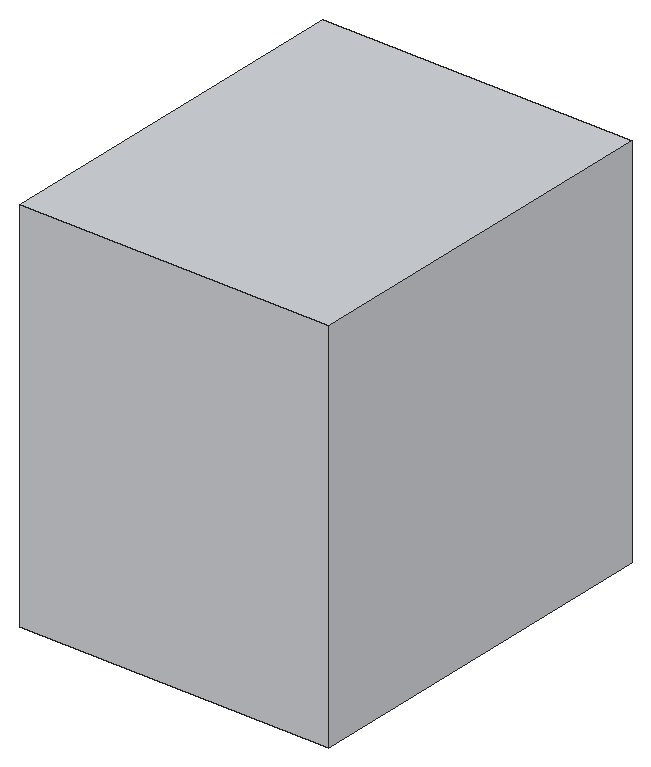
Revit family "Kinzo 110 - Textured Black - 8163", category Lighting Fixtures, host Wall, Revit 2018
Family settings
  Host = Wall
  Round Connector Dimension = Use Diameter
  Part Type = Normal
  OmniClass Number = 23.80.70.00
  OmniClass Title = Lighting
  Always vertical = Yes
  Cut with Voids When Loaded = No
  Light Source = Yes
  Shared = No
  Room Calculation Point = No
Parameters (values of type "CE")
  Wattage = 5.9 W
  built-in parameter 1150110 = 1 (stored number, unit not read)
  URL = "www.astrolighting.com"
  built-in parameter 1114217 = 1 (stored number, unit not read)
  Tilt Angle = 0.00°
  built-in parameter 1150109 = 1 (stored number, unit not read)
  built-in parameter 1150134 = (empty or 0)
  built-in parameter 1150113 = 1 (stored number, unit not read)
  Photometric Web File = "GNC-20241 8165 - Kinzo 110 - Black.ies"
  built-in parameter 1150105 = 13.146 (stored number, unit not read)
  Lumens = 165.2 lm
  built-in parameter 1150115 = 1 (stored number, unit not read)
  built-in parameter 1150137 = (empty or 0)
  built-in parameter 1150139 = (empty or 0)
  built-in parameter 1150112 = 1 (stored number, unit not read)
  built-in parameter 1150114 = 1 (stored number, unit not read)
  built-in parameter 1150132 = (empty or 0)
  built-in parameter 1150102 = (empty or 0)
  built-in parameter 1150107 = 2700 (stored number, unit not read)
  built-in parameter 1150138 = (empty or 0)
  built-in parameter 1150106 = 0.13146 (stored number, unit not read)
  built-in parameter 1150104 = 2.6013 (stored number, unit not read)
  Dimming Lamp Color Temperature Shift = <None>
  Color Filter = 16777215
  built-in parameter 1114218 = 1 (stored number, unit not read)
  built-in parameter 1150133 = 10 (stored number, unit not read)
  ADA compliant = "Yes"
  Product SKU = 1398001
  Product Name = "Kinzo 110"
  Product Location = "Indoor"
  Product Code = 8163
  Power (Watts) = "5.9"
  Manufacturer = "Astro Lighting Ltd"
  Main Material = "Metal - Alu"
  Main Finish = "Black & Bronze"
  Light Source Fixed = "Yes"
  Length of Cable Supplied = "Not supplied"
  Lamp = "LED"
  Location rating = "IP20"
  Electrical Class = 1
  Efficacy (lm/w) = "28"
  Driver Required = "No"
  Driver Included = "Integral"
  Dimming Method = "Phase Dimming"
  Dimmable = "Yes"
Types (2, lengths in mm): name | Wattage | Tilt Angle | built-in parameter 1150134 | Photometric Web File | built-in parameter 1150105 | Lumens | built-in parameter 1150107 | built-in parameter 1150106 | built-in parameter 1150104 | ADA compliant | Product SKU | Product Name | Product Location | Product Code | Power (Watts) | Main Material | Main Finish | Light Source Fixed | Length of Cable Supplied | Lamp | Location rating | Electrical Class | Efficacy (lm/w) | Driver Included | Dimming Method | Dimmable
  CE | 5.9 W | 0.00° | (empty or 0) | "GNC-20241 8165 - Kinzo 110 - Black.ies" | 13.146 (stored number, unit not read) | 165.2 lm | 2700 (stored number, unit not read) | 0.13146 (stored number, unit not read) | 2.6013 (stored number, unit not read) | "Yes" | 1398001 | "Kinzo 110" | "Indoor" | 8163 | "5.9" | "Metal - Alu" | "Black & Bronze" | "Yes" | "Not supplied" | "LED" | "IP20" | 1 | "28" | "Integral" | "Phase Dimming" | "Yes"
  ETL | 9.2903 W | 60.00° | 3 | "generic" | 109.82 (stored number, unit not read) | 1380 lm | 3200 (stored number, unit not read) | 1.0982 (stored number, unit not read) | 13.8 (stored number, unit not read) | "NO" | 1234001 | "" | "Bathroom" | 1234 | "" | "Metal - Steel" | "" | "" | "" | 0 | "DAMP" | 0 | "" | "" | "" | ""
Reference planes
  plane 1: y = 0
  plane 2 "Light Source Axis (L/R)": x = 125
  plane 3 "Light Source Axis (F/R)": y = 150
  plane 4 "Light Source Elevation": z = 1800
Forms (mm)
  Extrusion 1, solid
    sketch origin (125, 0, 0) x (0, 1, 0) y (0, 0, 1)
      loop
        line (0, 420) -> (0, 310) -> (110, 310) -> (110, 420) -> (0, 420)
    from -45 to 45
Text (mm)
  text "Placement side" at (-1787.139, 1116.779, 0), in view "Ref. Level"
  text "Placement side" at (0, 2110.396, 2986.058), in view "Left"
  text "Placement side" at (0, 628.478, 3011.967), in view "Right"
Dimensions and locks
  locked: host wall to plane 1 at 75
